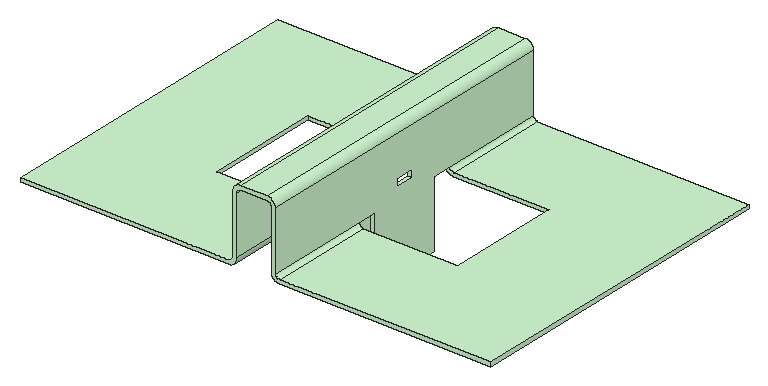
Revit family "osae_glasswool", category 機械設備, Revit 2022
Family settings
  丸型コネクタ寸法 = 直径を使用
  種別 = なし
  パーツ タイプ = 標準
  作業面ベース = いいえ
  常に垂直 = はい
  ロード時にボイドで切り取り = いいえ
  注釈の向きを維持 = いいえ
  共有 = いいえ
  部屋計算ポイント = いいえ
Parameters
  製造元 = "株式会社桐井製作所"
  既定の高さ = 0 mm
  URL = "https://www.kirii.co.jp/"
  K_品名 = "グラスウール押え金具"
  K_名称 = "仕上げ材オサエ"
  K_バージョン情報 = "20220915"
Reference planes
  plane 1 "中心(正面/背面)": y = 0
  plane 2: z = 0
  plane 3 "中心(左/右)": x = 0
Forms (mm)
  Extrusion 1, solid
    sketch origin (0, 0, 0) x (1, 0, 0) y (0, 0, 1)
      loop
        arc (-4.3, 1.6) -> (-4.534, 1.034) -> (-5.1, 0.8) r 0.8
        line (-5.1, 0.8) -> (-47.2, 0.8) -> (-47.2, 0) -> (-5.1, 0)
        arc (-5.1, 0) -> (-3.969, 0.469) -> (-3.5, 1.6) r 1.6
        line (-3.5, 1.6) -> (-3.5, 13.4)
        arc (-3.5, 13.4) -> (-3.266, 13.966) -> (-2.7, 14.2) r 0.8
        line (-2.7, 14.2) -> (2.7, 14.2)
        arc (2.7, 14.2) -> (3.266, 13.966) -> (3.5, 13.4) r 0.8
        line (3.5, 13.4) -> (3.5, 1.6)
        arc (3.5, 1.6) -> (3.969, 0.469) -> (5.1, 0) r 1.6
        line (5.1, 0) -> (47.714, 0) -> (47.714, 0.8) -> (5.1, 0.8)
        arc (5.1, 0.8) -> (4.534, 1.034) -> (4.3, 1.6) r 0.8
        line (4.3, 1.6) -> (4.3, 13.4)
        arc (4.3, 13.4) -> (3.831, 14.531) -> (2.7, 15) r 1.6
        line (2.7, 15) -> (-2.7, 15)
        arc (-2.7, 15) -> (-3.831, 14.531) -> (-4.3, 13.4) r 1.6
        line (-4.3, 13.4) -> (-4.3, 1.6)
    from -32.5 to 32.5
  Extrusion 2, void
    sketch origin (0, 0, 0) x (0, 1, 0) y (0, 0, 1)
      loop
        line (2, 5.328) -> (-2, 5.328) -> (-2, 3.833) -> (2, 3.833) -> (2, 5.328)
    from -4.3 to -3.5
  Extrusion 3, void
    sketch origin (7.8, 0, 0) x (0, 1, 0) y (0, 0, 1)
      loop
        line (2, 5.328) -> (-2, 5.328) -> (-2, 3.833) -> (2, 3.833) -> (2, 5.328)
    from -4.3 to -3.5
  Extrusion 4, void
    sketch origin (0, 0, 0) x (1, 0, 0) y (0, 1, 0)
      loop
        line (-24.3, 11.5) -> (-24.3, -11.5) -> (24.3, -11.5) -> (24.3, 11.5) -> (-24.3, 11.5)
    from 0 to 1.6
  Extrusion 5, solid
    sketch origin (0, 0, 0) x (1, 0, 0) y (0, 0, 1)
      loop
        line (-3.5, -11.2) -> (-3.5, 1.6) -> (-4.3, 1.6) -> (-4.3, -11.2) -> (-3.5, -11.2)
      loop
        line (4.3, -12) -> (4.3, 1.6) -> (3.5, 1.6) -> (3.5, -12) -> (4.3, -12)
    from -7.5 to 7.5
Cuts and joins
  Extrusion 2, Extrusion 3, Extrusion 4 cuts Extrusion 1
  joined: Extrusion 1, Extrusion 5
Dimensions and locks
  aligned and locked: level to plane 2
